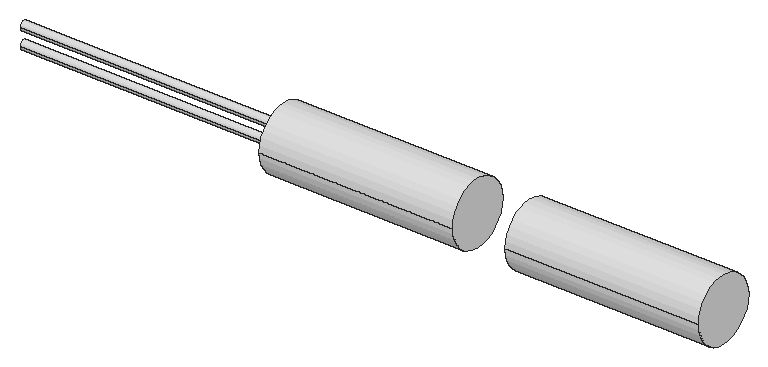
Revit family "Signalizator magnitokontaktnyy SMK-11", category Датчики, Revit 2023
Family settings
  Размер круглого соединителя = Использовать диаметр
  Тип детали = Нормальный
  Номер OmniClass = 23.85.50.17
  Заголовок OmniClass = Communication and Data Processing Equipment
  На основе рабочей плоскости = Нет
  Всегда вертикально = Да
  При загрузке вырезать с полостями = Нет
  Сохранять ориентацию аннотаций = Нет
  Общий = Нет
  Точка принадлежности помещению = Нет
Parameters (values of type "Сигнализатор магнитоконтактный СМК-11")
  Тип применяемого геркона = "Нормально разомкнутый (NO)"
  Степень защиты = "IP66/IP68"
  Срок службы = "не менее 8 лет"
  Расстояние срабатывания/отпускания на немагнитопроводящем основании, мм = "5/7"
  Расстояние срабатывания/отпускания на магнитопроводящем основании, мм = "10/13"
  Отметка по умолчанию = 0 mm
  Описание = "Сигнализатор магнитоконтактный СМК-11 предназначен для применения в системах автоматики различных устройств, в технике бытового, коммерческого, медицинского, научного и промышленного назначений с выдачей сигнала, путем размыкания сухого контакта геркона, а так же в системах охранной или охранно-пожарной сигнализаций с целью блокировки элементов конструкций из немагнитопроводных материалов."
  Кабель = yes
  Изготовитель = [ADSK_Завод-изготовитель]  # "ООО НПП «МАГНИТО-КОНТАКТ»"
  Длина вывода, м = 1 mm
  Диапазон напряжений = "от 0.05 до 72 (постоянного или переменного тока)"
  Диапазон коммутируемого тока = "от 0.005 до 0.25"
  URL = "https://m-kontakt.ru/produkt/datch_dlya_magn_konstr/smk_11"
  ADSK_Размер_Длина = 22.28 mm
  ADSK_Размер_ДиаметрИзделия = 7.2 mm
  ADSK_Примечание = "По устойчивости к климатическим воздействиям сигнализатор рассчитан для категории размещения III по ГОСТ 54455-2011 в диапазоне температур окружающего воздуха от -60°С до +60°С и относительной влажности до 98% при температуре +35°С без конденсации влаги."
  ADSK_Обозначение = "АТФЕ.425119.169 ПС"
  ADSK_Наименование = "Сигнализатор магнитоконтактный СМК-11"
  ADSK_Материал = Пластик
  ADSK_Завод-изготовитель = "ООО НПП «МАГНИТО-КОНТАКТ»"  # constant formula
  ADSK_Единица измерения = "шт."  # constant formula
Types (3, lengths in mm): name | Расстояние срабатывания/отпускания на немагнитопроводящем основании, мм | Расстояние срабатывания/отпускания на магнитопроводящем основании, мм | ADSK_Наименование
  (no name) | "5/7" | "10/13" | "Сигнализатор магнитоконтактный СМК-11"
  Сигнализатор магнитоконтактный СМК-11 | "5/7" | "10/13" | "Сигнализатор магнитоконтактный СМК-11"
  Сигнализатор магнитоконтактный СМК-11 усиленный | "6/8" | "14/17" | "Сигнализатор магнитоконтактный СМК-11 усиленный"
Reference planes
  plane 1 "По центру (Вперед/Назад)": y = 0
  plane 2: z = 0
  plane 3 "По центру (Влево/Вправо)": x = 0
Forms (mm)
  Extrusion 1, solid, material "Пластик" <- "ADSK_Материал"
    sketch origin (0, 0, 0) x (0, 1, 0) y (0, 0, 1)
      loop
        circle (0, 0) r 3.584
    from 3.02 to 25.3
  Extrusion 2, solid, material "Пластик" <- "ADSK_Материал"
    sketch origin (0, 0, 0) x (0, 1, 0) y (0, 0, -1)
      loop
        circle (0, 0) r 3.584
    from 3.02 to 25.3
  Extrusion 3, solid, material "Пластик" <- "ADSK_Материал", visible <- "Кабель"
    sketch origin (-25.3, 0, 0) x (0, 1, 0) y (0, 0, -1)
      loop
        circle (0, -1) r 0.5
      loop
        circle (0, 0.965) r 0.5
    from 0 to 30
Dimensions and locks
  aligned and locked: level to plane 2
  aligned and locked: Extrusion 3 to Extrusion 2
Connectors
  electrical at (0, 0, 0)
    settings: index 1, voltage 0 V, apparent load 0 VA, apparent load phase1 0 VA, apparent load phase2 0 VA, apparent load phase3 0 VA, power factor 1, load classification "Прочее", number of poles 1, system type 10, power factor state 1, is connector primary yes, connector utility no, sub classification motor no, connector description ""
